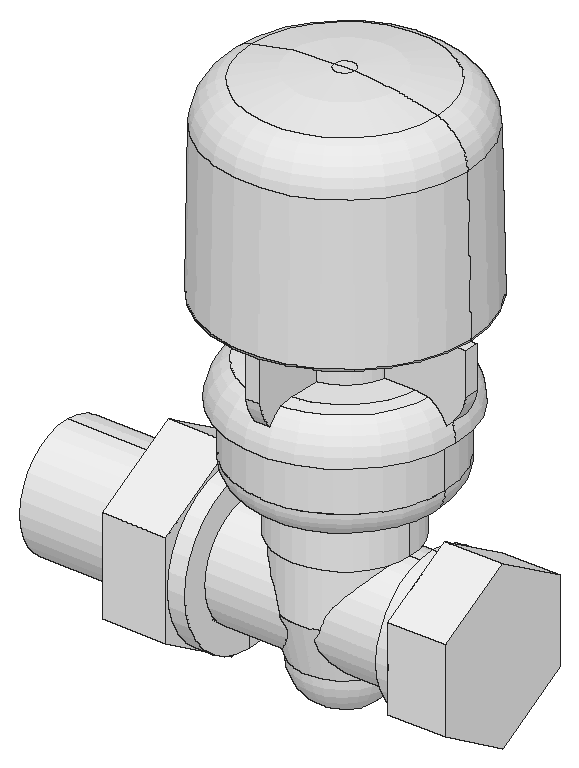
Revit family "RA-DV_Straight_DN10-20_F_Aero_RFA_1", category Pipe Accessories, Revit 2019 (continued)
Definition of nested family "Schematic_Pressure Independent TRV_Sensor_Straight"
  Lines and regions (mm)
    symbolic lines
      curve 10: line (32.126, 12.55, 0) -> (32.126, -12.55, 0)
      curve 11: line (-32.126, 12.55, 0) -> (-32.126, -12.55, 0)
      curve 12: line (-32.126, 12.55, 0) -> (0, 0, 0)
      curve 13: line (0, 0, 0) -> (-32.126, -12.55, 0)
      curve 14: line (0, 0, 0) -> (32.126, -12.55, 0)
      curve 15: line (0, 0, 0) -> (32.126, 12.55, 0)
      curve 16: line (0, 21.756, 0) -> (0, -16.063, 0)
      curve 17: spline (-16.063, -24.095, 0) -> (-15.516, -26.173, 0) -> (-13.911, -28.11, 0) -> (-11.358, -29.774, 0) -> (-8.032, -31.05, 0) -> (-4.157, -31.852, 0) -> (0, -32.126, 0) -> (4.157, -31.852, 0) -> (8.032, -31.05, 0) -> (11.358, -29.774, 0) -> (13.911, -28.11, 0) -> (15.516, -26.173, 0) -> (16.063, -24.095, 0) -> (15.516, -22.016, 0) -> (13.911, -20.079, 0) -> (11.358, -18.415, 0) -> (8.032, -17.139, 0) -> (4.157, -16.337, 0) -> (0, -16.063, 0) -> (-4.157, -16.337, 0) -> (-8.032, -17.139, 0) -> (-11.358, -18.415, 0) -> (-13.911, -20.079, 0) -> (-15.516, -22.016, 0) -> (-16.063, -24.095, 0)
      curve 18: line (16.063, -24.095, 0) -> (-16.063, -24.095, 0)
      curve 23: line (-6.425, 43.174, 0) -> (6.425, 43.174, 0)
      curve 24: line (-6.425, 21.756, 0) -> (-6.425, 43.174, 0)
      curve 25: line (6.425, 21.756, 0) -> (-6.425, 21.756, 0)
      curve 26: line (6.425, 43.174, 0) -> (6.425, 21.756, 0)
      curve 29: line (-4.417, 38.154, 0) -> (4.417, 38.154, 0)
      curve 30: line (0, 22.257, 0) -> (0, 38.154, 0)
  Dimensions and locks
    equal spacing: plane 4, plane 3 "Center (Left/Right)", plane 5
    "D": plane 6 to plane 7
    equal spacing: plane 6, level, plane 7
    equal spacing: plane 9, plane 3 "Center (Left/Right)", plane 10
    "D": plane 12 to plane 11
    equal spacing: plane 12, plane 1 "Center (Front/Back)", plane 11
    "H/2": plane 14 to plane 1 "Center (Front/Back)"
    "H/8": plane 16 to plane 15
    "H/8": plane 14 to plane 17
    equal spacing: plane 18, plane 16, plane 15
    equal spacing: plane 14, plane 17, plane 19
    "L/2": plane 4 to plane 5
    "H": plane 14 to plane 13
    "H": plane 8 to plane 15
    "H/2": plane 2 to plane 15
    "L": plane 9 to plane 10
    "L/4": plane 22 to plane 21
    equal spacing: plane 22, plane 3 "Center (Left/Right)", plane 21
    "H/3": plane 8 to plane 20
    "H/3": plane 23 to plane 13
    "H/3_1": plane 8 to plane 24
    "L/4_2": plane 25 to plane 21
    "L/4_2": plane 22 to plane 26
    "H/3_2": plane 8 to plane 27
    "H/3_1": plane 28 to plane 13
    "H/3_2": plane 29 to plane 13
    aligned and locked: level to plane 2
    aligned and locked: plane 15 to curve 8
    aligned and locked: plane 4 to curve 8
    aligned and locked: plane 5 to curve 8
    aligned and locked: plane 3 "Center (Left/Right)" to curve 17
    aligned and locked: plane 19 to curve 17
    aligned and locked: curve 11 to plane 10
    aligned and locked: curve 10 to plane 9
    aligned and locked: curve 16 to plane 3 "Center (Left/Right)"
    aligned and locked: plane 17 to curve 17
    aligned and locked: plane 5 to curve 17
    aligned and locked: plane 20 to curve 1
    aligned and locked: curve 19 to plane 8
    aligned and locked: plane 21 to curve 20
    aligned and locked: plane 20 to curve 21
    aligned and locked: curve 22 to plane 22
    aligned and locked: plane 23 to curve 16
    aligned and locked: plane 25 to curve 27
    aligned and locked: plane 26 to curve 27
    aligned and locked: curve 27 to plane 24
    aligned and locked: plane 3 "Center (Left/Right)" to curve 28
    aligned and locked: plane 27 to curve 28
    aligned and locked: plane 24 to curve 28
  Automatic sketch dimensions
    curve 4 to plane 7 = 0.00 mm
    curve 4 to plane 10 = 0.00 mm
    curve 5 to level = 0.00 mm
    curve 5 to plane 3 "Center (Left/Right)" = 0.00 mm
    curve 6 to plane 6 = 0.00 mm
    curve 6 to plane 9 = 0.00 mm
    curve 8 to plane 16 = 0.00 mm
    curve 9 to plane 16 = 0.00 mm
    curve 7 to plane 7 = 0.00 mm
    curve 7 to level = 0.00 mm
    curve 4 to level = 0.00 mm
    curve 3 to plane 6 = 0.00 mm
    plane 13 to curve 24 = 0.00 mm
    curve 24 to plane 21 = 0.00 mm
    plane 1 "Center (Front/Back)" to curve 14 = 0.00 mm
    curve 14 to plane 3 "Center (Left/Right)" = 0.00 mm
    curve 23 to plane 22 = 0.00 mm
    plane 17 to curve 18 = 0.00 mm
    plane 12 to curve 10 = 0.00 mm
    plane 12 to curve 13 = 0.00 mm
    plane 11 to curve 15 = 0.00 mm
    plane 11 to curve 12 = 0.00 mm
    curve 29 to plane 25 = 0.00 mm
    curve 29 to plane 26 = 0.00 mm
    curve 29 to plane 28 = 0.00 mm
    curve 30 to plane 3 "Center (Left/Right)" = 0.00 mm
    curve 30 to plane 29 = 0.00 mm
    curve 30 to plane 28 = 0.00 mm
Types (4, lengths in mm): name | Weight | TT | TB | T2 | T1 | SH_L | R8 | PTR | PTL | PHR | PHL | Model Type | Model | LR2 | LR | LL3 | LL2 | LL | L | Hex22 | Hex2 | Hex11 | Hex1 | D
  (no name) | 0.19 kg | 18.35 | 18.35 | 13.20 | 12.70 | 74.10 | 13.50 | 2.70 | 4.00 | 15.60 | 18.10 | "RA-DV_Straight_DN20_F" | "013G7716" | 12.90 | 35.00 | 14.00 | 36.50 | 61.60 | 96.60 | 31.70 | 36.60 | 36.70 | 42.40 | 20.00
  RA-DV_Straight_DN10_F_013G7712 | 0.24 kg | 15.60 | 15.60 | 8.165 | 10.25 | 55.90 | 12.70 | 5.00 | 3.60 | 8.962 | 13.10 | "RA-DV_Straight_DN10_F" | "013G7712" | 9.00 | 26.80 | 8.50 | 27.30 | 47.90 | 74.70 | 21.70 | 25.10 | 27.00 | 31.20 | 10.00
  RA-DV_Straight_DN15_F_013G7714 | 0.28 kg | 15.00 | 15.00 | 10.50 | 11.60 | 62.00 | 12.70 | 7.60 | 4.50 | 12.70 | 14.70 | "RA-DV_Straight_DN15_F" | "013G7714" | 11.20 | 30.80 | 9.00 | 29.40 | 51.60 | 82.40 | 26.70 | 30.80 | 30.00 | 34.60 | 15.00
  RA-DV_Straight_DN20_F_013G7716 | 0.19 kg | 18.35 | 18.35 | 13.20 | 12.70 | 74.10 | 13.50 | 2.70 | 4.00 | 15.60 | 18.10 | "RA-DV_Straight_DN20_F" | "013G7716" | 12.90 | 35.00 | 14.00 | 36.50 | 61.60 | 96.60 | 31.70 | 36.60 | 36.70 | 42.40 | 20.00
